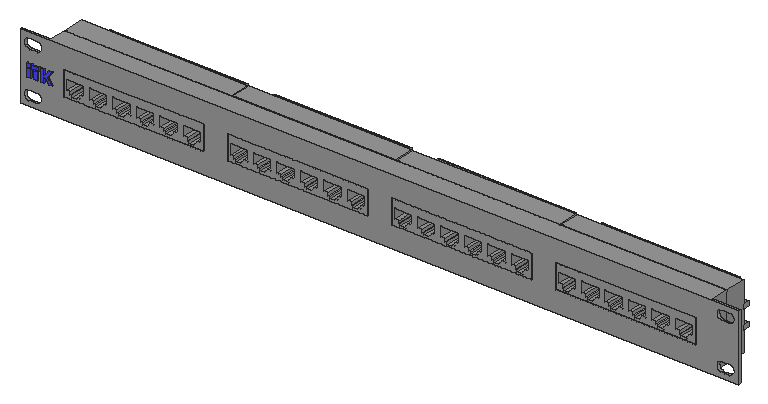
Revit family "ITK_Патч-панель_19-дюймовое крепление_1U_категория 5E", category Обобщенные модели, Revit 2019
Family settings
  Может служить основой для арматурных стержней = Нет
  Размер круглого соединителя = Использовать диаметр
  Тип детали = Нормальный
  На основе рабочей плоскости = Нет
  Всегда вертикально = Да
  При загрузке вырезать с полостями = Нет
  Общий = Нет
  Точка расчета площади = Нет
Parameters (values of type "PP24-1UC5EU-D05")
  Ширина = 482.6 mm
  Материал = Окраска - RAL 9005
  Изготовитель = "ITK"  # constant formula
  Дата изменения = ""
  Глубина = 37.3 mm
  Высота = 44 mm
  URL = "https://www.iek.ru/"
  KSI_CPr_Строительные изделия = "27.12.31.61.1.04.09-1090"  # constant formula
  KSI_CMa_Строительные материалы = "10.03.02.06"  # constant formula
  IEK_Цена за единицу = 2494.72
  IEK_Поиск в таблице имен = ""
  IEK_Описание = "Соответствие международным стандартам и ГОСТ Р.\r\nДвойная понятная маркировка IDC-модулей и портов.\r\nРасширенный частотный диапазон работы.\r\nУвеличенное количество циклов включения-отключения.\r\nСовместимы со всеми 19\" шкафами и стойками ITK.\r\nПодходят для кабелей и патч-кордов диаметром 22-26 AWG всех производителей.\r\nПрименимы для сетей ISDN, 10baseT, 100baseT, 1000baseT, EIA RS 232/485, 155 Mbit ATM, Token Ring."
  IEK_URL = "https://www.itk-group.ru/produktsiya/catalog/oborudovanie_telekommunikatsionnoe/komponenty_sks_mednye/patch_paneli/patch_paneli_kat_5e/patch_paneli_kat_5e_neekranirovannye_utp/itk_1u_patch_panel_kat_5e_utp_24_porta_dual"
  ADSK_Примечание = ""
  ADSK_Позиция [instance] = ""
  ADSK_Наименование = "ITK 1U патч-панель кат.5Е UTP, 24 порта (Dual)"
  ADSK_Материал обозначение = ""
  ADSK_Материал наименование = "Металл и АБС-пластик"  # constant formula
  ADSK_Масса = 1
  ADSK_Марка = ""  # constant formula
  ADSK_Код изделия = "PP24-1UC5EU-D05"
  ADSK_Завод-изготовитель = "IEK"  # constant formula
  ADSK_Единица измерения = "шт"  # constant formula
  ADSK_Группирование = "I. ЩИТЫ И ПУЛЬТЫ"  # constant formula
  ADSK_Версия семейства = "1.0"  # constant formula
  ADSK_Версия Revit = "2019"  # constant formula
  ADSK_URL страницы изделия = "https://www.itk-group.ru/produktsiya/catalog/oborudovanie_telekommunikatsionnoe/komponenty_sks_mednye/patch_paneli/patch_paneli_kat_5e/patch_paneli_kat_5e_neekranirovannye_utp/"
Reference planes
  plane 1 "По центру (Вперед/Назад)": y = 0
  plane 2: z = 0
  plane 3 "По центру (Влево/Вправо)": x = 0
Forms (mm)
  Extrusion 1, solid, material "Окраска - RAL 9005" <- "Материал", detail levels fine
    sketch origin (0, 0, 0) x (1, 0, 0) y (0, 1, 0)
      loop
        line (222, 1.5) -> (222, 27.5) -> (-222, 27.5) -> (-222, 1.5) -> (-241, 1.5) -> (-241, 0) -> (241, 0) -> (241, 1.5) -> (222, 1.5)
    from 44 to 0
  Extrusion 2, void
    sketch origin (0, 0, 0) x (1, 0, 0) y (0, 0, 1)
      loop
        line (-222, 44) -> (-222, 0) -> (222, 0) -> (222, 44) -> (-222, 44)
      loop
        line (221.8, 43.8) -> (110.25, 43.8) -> (0.25, 43.8) -> (-110.25, 43.8) -> (-221.8, 43.8) -> (-221.8, 0.2) -> (221.8, 0.2) -> (221.8, 43.8)
    from -13.5 to -13.7
  Extrusion 3, void
    sketch origin (0, 0, 0) x (1, 0, 0) y (0, 1, 0)
      loop
        line (-110.25, 31.5) -> (-110.25, 13.5) -> (-109.457, 13.5) -> (-109.457, 31.5) -> (-110.25, 31.5)
      loop
        line (-0.25, 31.5) -> (-0.25, 13.5) -> (0.543, 13.5) -> (0.543, 31.5) -> (-0.25, 31.5)
      loop
        line (109.75, 31.5) -> (109.75, 13.5) -> (110.543, 13.5) -> (110.543, 31.5) -> (109.75, 31.5)
    from 44 to 0
  Extrusion 4, solid, material "Окраска - RAL 9005" <- "Материал", detail levels fine
    sketch origin (0, 0, 0) x (0, 1, 0) y (0, 0, 1)
      loop
        line (35.5, 35) -> (37.5, 36.155) -> (37.5, 37.845) -> (35.5, 39) -> (31, 39) -> (31, 40) -> (29.5, 40) -> (28.5, 39) -> (27.5, 40) -> (27.5, 34) -> (28.5, 35) -> (29.5, 34) -> (31, 34) -> (31, 35) -> (35.5, 35)
      loop
        line (35.5, 5) -> (37.5, 6.155) -> (37.5, 7.845) -> (35.5, 9) -> (31, 9) -> (31, 10) -> (29.5, 10) -> (28.5, 9) -> (27.5, 10) -> (27.5, 4) -> (28.5, 5) -> (29.5, 4) -> (31, 4) -> (31, 5) -> (35.5, 5)
    from -118.225 to -209.525
  Extrusion 5, solid, material "Окраска - RAL 9005" <- "Материал", detail levels fine
    sketch origin (110, 0, 0) x (0, 1, 0) y (0, 0, 1)
      loop
        line (35.5, 35) -> (37.5, 36.155) -> (37.5, 37.845) -> (35.5, 39) -> (31, 39) -> (31, 40) -> (29.5, 40) -> (28.5, 39) -> (27.5, 40) -> (27.5, 34) -> (28.5, 35) -> (29.5, 34) -> (31, 34) -> (31, 35) -> (35.5, 35)
      loop
        line (35.5, 5) -> (37.5, 6.155) -> (37.5, 7.845) -> (35.5, 9) -> (31, 9) -> (31, 10) -> (29.5, 10) -> (28.5, 9) -> (27.5, 10) -> (27.5, 4) -> (28.5, 5) -> (29.5, 4) -> (31, 4) -> (31, 5) -> (35.5, 5)
    from -118.225 to -209.525
  Extrusion 6, solid, material "Окраска - RAL 9005" <- "Материал", detail levels fine
    sketch origin (220, 0, 0) x (0, 1, 0) y (0, 0, 1)
      loop
        line (35.5, 35) -> (37.5, 36.155) -> (37.5, 37.845) -> (35.5, 39) -> (31, 39) -> (31, 40) -> (29.5, 40) -> (28.5, 39) -> (27.5, 40) -> (27.5, 34) -> (28.5, 35) -> (29.5, 34) -> (31, 34) -> (31, 35) -> (35.5, 35)
      loop
        line (35.5, 5) -> (37.5, 6.155) -> (37.5, 7.845) -> (35.5, 9) -> (31, 9) -> (31, 10) -> (29.5, 10) -> (28.5, 9) -> (27.5, 10) -> (27.5, 4) -> (28.5, 5) -> (29.5, 4) -> (31, 4) -> (31, 5) -> (35.5, 5)
    from -118.225 to -209.525
  Extrusion 7, solid, material "Окраска - RAL 9005" <- "Материал", detail levels fine
    sketch origin (330, 0, 0) x (0, 1, 0) y (0, 0, 1)
      loop
        line (35.5, 35) -> (37.5, 36.155) -> (37.5, 37.845) -> (35.5, 39) -> (31, 39) -> (31, 40) -> (29.5, 40) -> (28.5, 39) -> (27.5, 40) -> (27.5, 34) -> (28.5, 35) -> (29.5, 34) -> (31, 34) -> (31, 35) -> (35.5, 35)
      loop
        line (35.5, 5) -> (37.5, 6.155) -> (37.5, 7.845) -> (35.5, 9) -> (31, 9) -> (31, 10) -> (29.5, 10) -> (28.5, 9) -> (27.5, 10) -> (27.5, 4) -> (28.5, 5) -> (29.5, 4) -> (31, 4) -> (31, 5) -> (35.5, 5)
    from -118.225 to -209.525
  Extrusion 8, solid, material "Окраска - RAL 9005" <- "Материал", detail levels fine
    sketch origin (0, 0, 0) x (0, 1, 0) y (0, 0, 1)
      loop
        line (27.5, 17.25) -> (27.5, 14.25) -> (31.5, 14.25) -> (31.5, 17.25) -> (27.5, 17.25)
      loop
        line (27.5, 26.75) -> (31.5, 26.75) -> (31.5, 29.75) -> (27.5, 29.75) -> (27.5, 26.75)
    from 9.25 to 0.543
  Extrusion 9, solid, material "Окраска - RAL 9005" <- "Материал", detail levels fine
    sketch origin (-9.5, 0, 0) x (0, 1, 0) y (0, 0, 1)
      loop
        line (27.5, 17.25) -> (27.5, 14.25) -> (31.5, 14.25) -> (31.5, 17.25) -> (27.5, 17.25)
      loop
        line (27.5, 26.75) -> (31.5, 26.75) -> (31.5, 29.75) -> (27.5, 29.75) -> (27.5, 26.75)
    from 9.25 to 0.543
  Extrusion 10, solid, material "Окраска - RAL 9005" <- "Материал", detail levels fine
    sketch origin (-110, 0, 0) x (0, 1, 0) y (0, 0, 1)
      loop
        line (27.5, 17.25) -> (27.5, 14.25) -> (31.5, 14.25) -> (31.5, 17.25) -> (27.5, 17.25)
      loop
        line (27.5, 26.75) -> (31.5, 26.75) -> (31.5, 29.75) -> (27.5, 29.75) -> (27.5, 26.75)
    from 9.25 to 0.543
  Extrusion 11, solid, material "Окраска - RAL 9005" <- "Материал", detail levels fine
    sketch origin (-119.5, 0, 0) x (0, 1, 0) y (0, 0, 1)
      loop
        line (27.5, 17.25) -> (27.5, 14.25) -> (31.5, 14.25) -> (31.5, 17.25) -> (27.5, 17.25)
      loop
        line (27.5, 26.75) -> (31.5, 26.75) -> (31.5, 29.75) -> (27.5, 29.75) -> (27.5, 26.75)
    from 9.25 to 0.543
  Extrusion 12, solid, material "Окраска - RAL 9005" <- "Материал", detail levels fine
    sketch origin (-222.25, 0, 0) x (0, 1, 0) y (0, 0, 1)
      loop
        line (27.5, 17.25) -> (27.5, 14.25) -> (31.5, 14.25) -> (31.5, 17.25) -> (27.5, 17.25)
      loop
        line (27.5, 26.75) -> (31.5, 26.75) -> (31.5, 29.75) -> (27.5, 29.75) -> (27.5, 26.75)
    from 9.25 to 0.543
  Extrusion 13, solid, material "Окраска - RAL 9005" <- "Материал", detail levels fine
    sketch origin (110, 0, 0) x (0, 1, 0) y (0, 0, 1)
      loop
        line (27.5, 17.25) -> (27.5, 14.25) -> (31.5, 14.25) -> (31.5, 17.25) -> (27.5, 17.25)
      loop
        line (27.5, 26.75) -> (31.5, 26.75) -> (31.5, 29.75) -> (27.5, 29.75) -> (27.5, 26.75)
    from 9.25 to 0.543
  Extrusion 14, solid, material "Окраска - RAL 9005" <- "Материал", detail levels fine
    sketch origin (100.5, 0, 0) x (0, 1, 0) y (0, 0, 1)
      loop
        line (27.5, 17.25) -> (27.5, 14.25) -> (31.5, 14.25) -> (31.5, 17.25) -> (27.5, 17.25)
      loop
        line (27.5, 26.75) -> (31.5, 26.75) -> (31.5, 29.75) -> (27.5, 29.75) -> (27.5, 26.75)
    from 9.25 to 0.543
  Extrusion 15, solid, material "Окраска - RAL 9005" <- "Материал", detail levels fine
    sketch origin (212.75, 0, 0) x (0, 1, 0) y (0, 0, 1)
      loop
        line (27.5, 17.25) -> (27.5, 14.25) -> (31.5, 14.25) -> (31.5, 17.25) -> (27.5, 17.25)
      loop
        line (27.5, 26.75) -> (31.5, 26.75) -> (31.5, 29.75) -> (27.5, 29.75) -> (27.5, 26.75)
    from 9.25 to 0.543
  Extrusion 16, void
    sketch origin (0, 0, 0) x (1, 0, 0) y (0, 0, 1)
      loop
        line (-118.2, 30.05) -> (-211.8, 30.05) -> (-211.8, 13.95) -> (-118.2, 13.95) -> (-118.2, 30.05)
      loop
        line (-212, 30.25) -> (-212, 13.75) -> (-118, 13.75) -> (-118, 30.25) -> (-212, 30.25)
      loop
        arc (-229.85, 34.15) -> (-227.481, 35.131) -> (-226.5, 37.5) r 3.35
        arc (-226.5, 37.5) -> (-227.481, 39.869) -> (-229.85, 40.85) r 3.35
        line (-229.85, 40.85) -> (-234.65, 40.85)
        arc (-234.65, 40.85) -> (-238, 37.5) -> (-234.65, 34.15) r 3.35
        line (-234.65, 34.15) -> (-229.85, 34.15)
      loop
        arc (-234.65, 9.85) -> (-238, 6.5) -> (-234.65, 3.15) r 3.35
        line (-234.65, 3.15) -> (-229.85, 3.15)
        arc (-229.85, 3.15) -> (-227.481, 4.131) -> (-226.5, 6.5) r 3.35
        arc (-226.5, 6.5) -> (-227.481, 8.869) -> (-229.85, 9.85) r 3.35
        line (-229.85, 9.85) -> (-234.65, 9.85)
      loop
        line (-8.2, 30.05) -> (-101.8, 30.05) -> (-101.8, 13.95) -> (-8.2, 13.95) -> (-8.2, 30.05)
      loop
        line (-102, 30.25) -> (-102, 13.75) -> (-8, 13.75) -> (-8, 30.25) -> (-102, 30.25)
      loop
        line (8, 30.25) -> (8, 13.75) -> (102, 13.75) -> (102, 30.25) -> (8, 30.25)
      loop
        line (101.8, 30.05) -> (8.2, 30.05) -> (8.2, 13.95) -> (101.8, 13.95) -> (101.8, 30.05)
      loop
        line (211.8, 30.05) -> (118.2, 30.05) -> (118.2, 13.95) -> (211.8, 13.95) -> (211.8, 30.05)
      loop
        line (118, 30.25) -> (118, 13.75) -> (212, 13.75) -> (212, 30.25) -> (118, 30.25)
      loop
        arc (234.65, 34.15) -> (237.019, 35.131) -> (238, 37.5) r 3.35
        arc (238, 37.5) -> (237.019, 39.869) -> (234.65, 40.85) r 3.35
        line (234.65, 40.85) -> (229.85, 40.85)
        arc (229.85, 40.85) -> (226.5, 37.5) -> (229.85, 34.15) r 3.35
        line (229.85, 34.15) -> (234.65, 34.15)
      loop
        arc (229.85, 9.85) -> (226.5, 6.5) -> (229.85, 3.15) r 3.35
        line (229.85, 3.15) -> (234.65, 3.15)
        arc (234.65, 3.15) -> (237.019, 4.131) -> (238, 6.5) r 3.35
        arc (238, 6.5) -> (237.019, 8.869) -> (234.65, 9.85) r 3.35
        line (234.65, 9.85) -> (229.85, 9.85)
    from -2 to 0
  Extrusion 17, void
    sketch origin (0, 0, 0) x (1, 0, 0) y (0, 0, 1)
      loop
        line (-198.4, 18.25) -> (-198.4, 25.05) -> (-210.1, 25.05) -> (-210.1, 18.25) -> (-207.5, 18.25) -> (-207.5, 16.55) -> (-206.25, 16.55) -> (-206.25, 15.25) -> (-202.25, 15.25) -> (-202.25, 16.55) -> (-201, 16.55) -> (-201, 18.25) -> (-198.4, 18.25)
      loop
        line (-182.7, 25.05) -> (-194.4, 25.05) -> (-194.4, 18.25) -> (-191.8, 18.25) -> (-191.8, 16.55) -> (-190.55, 16.55) -> (-190.55, 15.25) -> (-186.55, 15.25) -> (-186.55, 16.55) -> (-185.3, 16.55) -> (-185.3, 18.25) -> (-182.7, 18.25) -> (-182.7, 25.05)
      loop
        line (-167, 25.05) -> (-178.7, 25.05) -> (-178.7, 18.25) -> (-176.1, 18.25) -> (-176.1, 16.55) -> (-174.85, 16.55) -> (-174.85, 15.25) -> (-170.85, 15.25) -> (-170.85, 16.55) -> (-169.6, 16.55) -> (-169.6, 18.25) -> (-167, 18.25) -> (-167, 25.05)
      loop
        line (-151.3, 25.05) -> (-163, 25.05) -> (-163, 18.25) -> (-160.4, 18.25) -> (-160.4, 16.55) -> (-159.15, 16.55) -> (-159.15, 15.25) -> (-155.15, 15.25) -> (-155.15, 16.55) -> (-153.9, 16.55) -> (-153.9, 18.25) -> (-151.3, 18.25) -> (-151.3, 25.05)
      loop
        line (-135.6, 25.05) -> (-147.3, 25.05) -> (-147.3, 18.25) -> (-144.7, 18.25) -> (-144.7, 16.55) -> (-143.45, 16.55) -> (-143.45, 15.25) -> (-139.45, 15.25) -> (-139.45, 16.55) -> (-138.2, 16.55) -> (-138.2, 18.25) -> (-135.6, 18.25) -> (-135.6, 25.05)
      loop
        line (-131.6, 25.05) -> (-131.6, 18.25) -> (-129, 18.25) -> (-129, 16.55) -> (-127.75, 16.55) -> (-127.75, 15.25) -> (-123.75, 15.25) -> (-123.75, 16.55) -> (-122.5, 16.55) -> (-122.5, 18.25) -> (-119.9, 18.25) -> (-119.9, 25.05) -> (-131.6, 25.05)
      loop
        line (-88.4, 25.05) -> (-100.1, 25.05) -> (-100.1, 18.25) -> (-97.5, 18.25) -> (-97.5, 16.55) -> (-96.25, 16.55) -> (-96.25, 15.25) -> (-92.25, 15.25) -> (-92.25, 16.55) -> (-91, 16.55) -> (-91, 18.25) -> (-88.4, 18.25) -> (-88.4, 25.05)
      loop
        line (-84.4, 25.05) -> (-84.4, 18.25) -> (-81.8, 18.25) -> (-81.8, 16.55) -> (-80.55, 16.55) -> (-80.55, 15.25) -> (-76.55, 15.25) -> (-76.55, 16.55) -> (-75.3, 16.55) -> (-75.3, 18.25) -> (-72.7, 18.25) -> (-72.7, 25.05) -> (-84.4, 25.05)
      loop
        line (-68.7, 25.05) -> (-68.7, 18.25) -> (-66.1, 18.25) -> (-66.1, 16.55) -> (-64.85, 16.55) -> (-64.85, 15.25) -> (-60.85, 15.25) -> (-60.85, 16.55) -> (-59.6, 16.55) -> (-59.6, 18.25) -> (-57, 18.25) -> (-57, 25.05) -> (-68.7, 25.05)
      loop
        line (-53, 25.05) -> (-53, 18.25) -> (-50.4, 18.25) -> (-50.4, 16.55) -> (-49.15, 16.55) -> (-49.15, 15.25) -> (-45.15, 15.25) -> (-45.15, 16.55) -> (-43.9, 16.55) -> (-43.9, 18.25) -> (-41.3, 18.25) -> (-41.3, 25.05) -> (-53, 25.05)
      loop
        line (-21.6, 25.05) -> (-21.6, 18.25) -> (-19, 18.25) -> (-19, 16.55) -> (-17.75, 16.55) -> (-17.75, 15.25) -> (-13.75, 15.25) -> (-13.75, 16.55) -> (-12.5, 16.55) -> (-12.5, 18.25) -> (-9.9, 18.25) -> (-9.9, 25.05) -> (-21.6, 25.05)
      loop
        line (-37.3, 25.05) -> (-37.3, 18.25) -> (-34.7, 18.25) -> (-34.7, 16.55) -> (-33.45, 16.55) -> (-33.45, 15.25) -> (-29.45, 15.25) -> (-29.45, 16.55) -> (-28.2, 16.55) -> (-28.2, 18.25) -> (-25.6, 18.25) -> (-25.6, 25.05) -> (-37.3, 25.05)
      loop
        line (9.9, 25.05) -> (9.9, 18.25) -> (12.5, 18.25) -> (12.5, 16.55) -> (13.75, 16.55) -> (13.75, 15.25) -> (17.75, 15.25) -> (17.75, 16.55) -> (19, 16.55) -> (19, 18.25) -> (21.6, 18.25) -> (21.6, 25.05) -> (9.9, 25.05)
      loop
        line (25.6, 25.05) -> (25.6, 18.25) -> (28.2, 18.25) -> (28.2, 16.55) -> (29.45, 16.55) -> (29.45, 15.25) -> (33.45, 15.25) -> (33.45, 16.55) -> (34.7, 16.55) -> (34.7, 18.25) -> (37.3, 18.25) -> (37.3, 25.05) -> (25.6, 25.05)
      loop
        line (41.3, 25.05) -> (41.3, 18.25) -> (43.9, 18.25) -> (43.9, 16.55) -> (45.15, 16.55) -> (45.15, 15.25) -> (49.15, 15.25) -> (49.15, 16.55) -> (50.4, 16.55) -> (50.4, 18.25) -> (53, 18.25) -> (53, 25.05) -> (41.3, 25.05)
      loop
        line (57, 25.05) -> (57, 18.25) -> (59.6, 18.25) -> (59.6, 16.55) -> (60.85, 16.55) -> (60.85, 15.25) -> (64.85, 15.25) -> (64.85, 16.55) -> (66.1, 16.55) -> (66.1, 18.25) -> (68.7, 18.25) -> (68.7, 25.05) -> (57, 25.05)
      loop
        line (72.7, 25.05) -> (72.7, 18.25) -> (75.3, 18.25) -> (75.3, 16.55) -> (76.55, 16.55) -> (76.55, 15.25) -> (80.55, 15.25) -> (80.55, 16.55) -> (81.8, 16.55) -> (81.8, 18.25) -> (84.4, 18.25) -> (84.4, 25.05) -> (72.7, 25.05)
      loop
        line (88.4, 25.05) -> (88.4, 18.25) -> (91, 18.25) -> (91, 16.55) -> (92.25, 16.55) -> (92.25, 15.25) -> (96.25, 15.25) -> (96.25, 16.55) -> (97.5, 16.55) -> (97.5, 18.25) -> (100.1, 18.25) -> (100.1, 25.05) -> (88.4, 25.05)
      loop
        line (119.9, 25.05) -> (119.9, 18.25) -> (122.5, 18.25) -> (122.5, 16.55) -> (123.75, 16.55) -> (123.75, 15.25) -> (127.75, 15.25) -> (127.75, 16.55) -> (129, 16.55) -> (129, 18.25) -> (131.6, 18.25) -> (131.6, 25.05) -> (119.9, 25.05)
      loop
        line (135.6, 25.05) -> (135.6, 18.25) -> (138.2, 18.25) -> (138.2, 16.55) -> (139.45, 16.55) -> (139.45, 15.25) -> (143.45, 15.25) -> (143.45, 16.55) -> (144.7, 16.55) -> (144.7, 18.25) -> (147.3, 18.25) -> (147.3, 25.05) -> (135.6, 25.05)
      loop
        line (151.3, 25.05) -> (151.3, 18.25) -> (153.9, 18.25) -> (153.9, 16.55) -> (155.15, 16.55) -> (155.15, 15.25) -> (159.15, 15.25) -> (159.15, 16.55) -> (160.4, 16.55) -> (160.4, 18.25) -> (163, 18.25) -> (163, 25.05) -> (151.3, 25.05)
      loop
        line (167, 25.05) -> (167, 18.25) -> (169.6, 18.25) -> (169.6, 16.55) -> (170.85, 16.55) -> (170.85, 15.25) -> (174.85, 15.25) -> (174.85, 16.55) -> (176.1, 16.55) -> (176.1, 18.25) -> (178.7, 18.25) -> (178.7, 25.05) -> (167, 25.05)
      loop
        line (182.7, 25.05) -> (182.7, 18.25) -> (185.3, 18.25) -> (185.3, 16.55) -> (186.55, 16.55) -> (186.55, 15.25) -> (190.55, 15.25) -> (190.55, 16.55) -> (191.8, 16.55) -> (191.8, 18.25) -> (194.4, 18.25) -> (194.4, 25.05) -> (182.7, 25.05)
      loop
        line (198.4, 25.05) -> (198.4, 18.25) -> (201, 18.25) -> (201, 16.55) -> (202.25, 16.55) -> (202.25, 15.25) -> (206.25, 15.25) -> (206.25, 16.55) -> (207.5, 16.55) -> (207.5, 18.25) -> (210.1, 18.25) -> (210.1, 25.05) -> (198.4, 25.05)
    from -20 to 0
  Extrusion 18, solid, material "Пластик белый", detail levels fine
    sketch origin (-228.299, 0, 17.715) x (1, 0, 0) y (0, 0, 1)
      loop
        line (-7.624, 5.29) -> (-7.624, 0) -> (-5.312, 0) -> (-5.312, 5.29) -> (-7.624, 5.29)
      loop
        line (-0.808, 5.29) -> (-2.986, 5.29) -> (-2.986, 0) -> (-0.808, 0) -> (-0.808, 5.29)
      loop
        line (-7.624, 6.027) -> (-5.312, 6.027) -> (-5.312, 8.272) -> (-7.624, 8.272) -> (-7.624, 6.027)
      loop
        line (1.567, 8.272) -> (1.567, 0) -> (3.747, 0) -> (3.747, 3.101) -> (4.58, 3.101) -> (6.594, 0) -> (9.251, 0) -> (6.241, 4.142) -> (9.251, 8.272) -> (6.594, 8.272) -> (4.58, 5.17) -> (3.747, 5.17) -> (3.747, 8.272) -> (1.567, 8.272)
      loop
        line (-4.24, 6.027) -> (0.447, 6.027) -> (0.447, 8.272) -> (-4.24, 8.272) -> (-4.24, 6.027)
    from 0 to 0.554
  Extrusion 19, solid, detail levels coarse+medium
    sketch origin (0, 0, 0) x (1, 0, 0) y (0, 1, 0)
      loop
        line (-241, 0) -> (241, 0) -> (241, 37.5) -> (-241, 37.5) -> (-241, 0)
    from 44 <- "Высота" to 0
Cuts and joins
  Extrusion 2, Extrusion 3, Extrusion 16, Extrusion 17 cuts Extrusion 1
Dimensions and locks
  aligned and locked: level to plane 2
